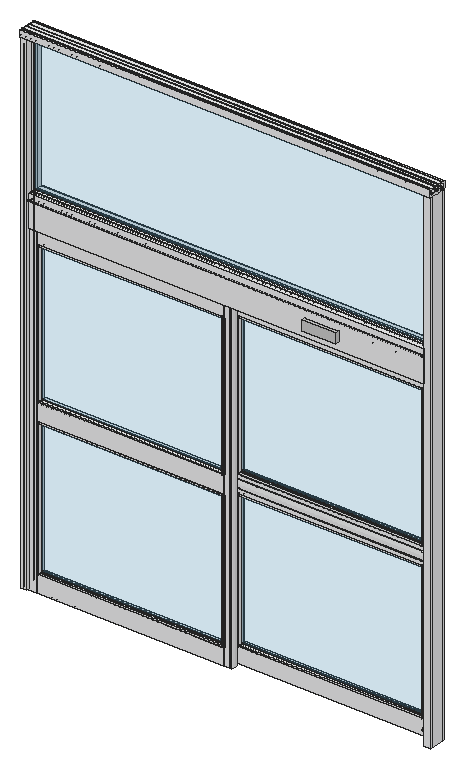
Revit family "2-5-7_Sliding-Door_TX9200SL_Single-RH-Outside-Slide-w-Transom-SX-O-w-Elec-Lock-Flush-Mnt-Exit-Panic-HW_Tormax", category Doors, host Wall, Revit 2026 (continued)
Definition of nested family "Door-Sliding-Tormax-Panel-Exit_Panic-O"
  Automatic sketch dimensions
    Sweep 6 sketch curve to Sweep 6 sketch curve = 0' - 0.4219"
    Sweep 7 sketch curve to plane 3 "Center (Left/Right)" = 0' - 0"
    plane 1 "Center (Front/Back)" to Sweep 7 sketch curve = 0' - 0.1901"
    Sweep 7 sketch curve to Sweep 7 sketch curve = 0' - 0"  (x6)
    Sweep 7 sketch curve to Sweep 7 sketch curve = 0' - 0.00628"
    Sweep 7 sketch curve to Sweep 7 sketch curve = 0' - 0.05"  (x8)
    Sweep 7 sketch curve to Sweep 7 sketch curve = 0' - 0.05599"
    Sweep 7 sketch curve to Sweep 7 sketch curve = 0' - 0.13079"  (x2)
    Sweep 7 sketch curve to Sweep 7 sketch curve = 0' - 0.1438"  (x2)
    Sweep 7 sketch curve to Sweep 7 sketch curve = 0' - 0.06431"  (x2)
    Sweep 7 sketch curve to Sweep 7 sketch curve = 0' - 0.04373"  (x2)
    Sweep 7 sketch curve to Sweep 7 sketch curve = 0' - 0.0339"  (x2)
    Sweep 7 sketch curve to Sweep 7 sketch curve = 0' - 0.05017"  (x2)
    plane 1 "Center (Front/Back)" to Sweep 7 sketch curve = 0' - 0.49166"
    Sweep 7 sketch curve to Sweep 7 sketch curve = 0' - 0.12404"  (x3)
    Sweep 7 sketch curve to Sweep 7 sketch curve = 0' - 0.06616"  (x2)
    Sweep 7 sketch curve to Sweep 7 sketch curve = 0' - 0.08665"  (x3)
    Sweep 7 sketch curve to Sweep 7 sketch curve = 0' - 0.00586"  (x2)
    Sweep 7 sketch curve to Sweep 7 sketch curve = 0' - 0.0682"  (x2)
    Sweep 7 sketch curve to Sweep 7 sketch curve = 0' - 0.11234"
    Sweep 7 sketch curve to Sweep 7 sketch curve = 0' - 0.09942"  (x4)
    Sweep 7 sketch curve to Sweep 7 sketch curve = 0' - 0.04966"  (x4)
    Sweep 7 sketch curve to plane 1 "Center (Front/Back)" = 0' - 0.12483"
    Sweep 7 sketch curve to Sweep 7 sketch curve = 0' - 0.00209"  (x2)
    Sweep 7 sketch curve to Sweep 7 sketch curve = 0' - 0.03487"  (x4)
    plane 1 "Center (Front/Back)" to Sweep 7 sketch curve = 0' - 0.20955"  (x2)
    plane 1 "Center (Front/Back)" to Sweep 7 sketch curve = 0' - 0.07259"  (x2)
    Sweep 7 sketch curve to Sweep 7 sketch curve = 0' - 0.0719"  (x4)
    Sweep 7 sketch curve to plane 1 "Center (Front/Back)" = 0' - 0.07259"  (x2)
    Sweep 7 sketch curve to plane 1 "Center (Front/Back)" = 0' - 0.09459"  (x2)
    Sweep 7 sketch curve to Sweep 7 sketch curve = 0' - 0.02199"  (x4)
    plane 1 "Center (Front/Back)" to Sweep 7 sketch curve = 0' - 0.09459"  (x2)
    Sweep 7 sketch curve to plane 1 "Center (Front/Back)" = 0' - 0.20955"
    Sweep 7 sketch curve to Sweep 7 sketch curve = 0' - 0.06113"
    plane 1 "Center (Front/Back)" to Sweep 7 sketch curve = 0' - 0.12483"
    Sweep 7 sketch curve to Sweep 7 sketch curve = 0' - 0.06234"
    Sweep 7 sketch curve to Sweep 7 sketch curve = 0' - 0.03026"
    Sweep 7 sketch curve to Sweep 7 sketch curve = 0' - 0.14248"
    Sweep 7 sketch curve to Sweep 7 sketch curve = 0' - 0.09251"
    Sweep 7 sketch curve to Sweep 7 sketch curve = 0' - 0.01301"
    Sweep 7 sketch curve to Sweep 7 sketch curve = 0' - 0.13361"
    Sweep 7 sketch curve to plane 1 "Center (Front/Back)" = 0' - 0.25955"  (x2)
    Sweep 7 sketch curve to Sweep 7 sketch curve = 0' - 0.14365"
    Sweep 7 sketch curve to Sweep 7 sketch curve = 0' - 0.19365"  (x3)
    Sweep 7 sketch curve to Sweep 7 sketch curve = 0' - 0.25378"  (x2)
    Sweep 7 sketch curve to Sweep 7 sketch curve = 0' - 0.4219"  (x2)
    Sweep 7 sketch curve to Sweep 7 sketch curve = 0' - 0.04971"  (x4)
    Sweep 7 sketch curve to Sweep 7 sketch curve = 0' - 0.08472"  (x5)
    Sweep 7 sketch curve to Sweep 7 sketch curve = 0' - 0.06945"  (x2)
    Sweep 7 sketch curve to Sweep 7 sketch curve = 0' - 0.05012"  (x4)
    Sweep 7 sketch curve to Sweep 7 sketch curve = 0' - 0.06958"  (x2)
    plane 1 "Center (Front/Back)" to Sweep 7 sketch curve = 0' - 0.13997"
    Sweep 7 sketch curve to Sweep 7 sketch curve = 0' - 0.04722"
    Sweep 7 sketch curve to Sweep 7 sketch curve = 0' - 0.02777"
    Sweep 7 sketch curve to Sweep 7 sketch curve = 0' - 0.04144"  (x2)
    Sweep 7 sketch curve to Sweep 7 sketch curve = 0' - 0.08847"
    Sweep 7 sketch curve to Sweep 7 sketch curve = 0' - 0.0904"  (x2)
    Sweep 7 sketch curve to Sweep 7 sketch curve = 0' - 0.04991"  (x2)
    Sweep 7 sketch curve to Sweep 7 sketch curve = 0' - 0.01286"  (x2)
    Sweep 7 sketch curve to Sweep 7 sketch curve = 0' - 0.06296"  (x2)
    Sweep 7 sketch curve to Sweep 7 sketch curve = 0' - 0.09922"  (x2)
    Sweep 7 sketch curve to Sweep 7 sketch curve = 0' - 0.08367"  (x2)
    Extrusion 8 sketch curve to plane 7 = 0' - 0"
    plane 6 to Extrusion 8 sketch curve = 0' - 0"
    plane 12 to Extrusion 8 sketch curve = 0' - 0.29207"
    plane 13 to Extrusion 8 sketch curve = 0' - 0.29207"
    Sweep 2 sketch curve to Sweep 2 sketch curve = 0' - 0.1"  (x4)
    Sweep 2 sketch curve to Sweep 2 sketch curve = 0' - 0.00401"  (x4)
Definition of nested family "Door-Sliding-Tormax-Panel-Exit_Panic-SX"
  Parameters (values of type "Door-Sliding-Tormax-Panel-Exit_Panic-SX")
    Width = 3' - 5 9/16"
    Thickness = 0' - 1.82"  # constant formula
    Height = 7' - 1 1/2"
    Handle Material = none
    Glass = none
    Frame Material = none
    Define Thermal Properties by = 1
    Default Elevation = 0' - 0"
    Analytic Construction = "<None>"
  Reference planes (in)
    plane 1 "Center (Front/Back)": y = 0
    plane 2: z = 0
    plane 3 "Center (Left/Right)": x = 0
    plane 4: z = 85.5
    plane 5: z = 42.75
    plane 6: y = 0.12483
    plane 7: y = -0.12517
    plane 8: y = -0.91
    plane 9: y = 0.91
    plane 10: x = -20.78125
    plane 11: x = 20.78125
    plane 12: x = -18.65625
    plane 13: x = 18.65625
    plane 14: z = 45
    plane 15: z = 40.5
    plane 16: z = 82.40625
    plane 17: z = 4.3125
  Forms (in)
    Sweep 1, solid, material <- "Frame Material"
      path origin (0, 0, 0) x (1, 0, 0) y (0, 0, 1)
        loop
          line (-20.78125, 0.3125) -> (-20.78125, 84.15625)
      profile origin (-20.78125, 0, 42.23437) x (-1, 0, 0) y (0, -1, 0)
        loop
          line (-0.25, -0.18701) -> (-0.25, 0.18701) -> (-0.13107, 0.18701)
          arc (-0.13107, 0.18701) -> (-0.16494, 0.47848) -> (-0.22824, 0.765) r 2.88588
          line (-0.22824, 0.765) -> (-1.844, 0.765) -> (-1.844, -0.765) -> (-0.22824, -0.765)
          arc (-0.22824, -0.765) -> (-0.16494, -0.47848) -> (-0.13107, -0.18701) r 2.88588
          line (-0.13107, -0.18701) -> (-0.25, -0.18701)
        loop
          arc (-0.14081, -0.91) -> (0, 0) -> (-0.14081, 0.91) r 3.01088
          line (-0.14081, 0.91) -> (-2.125, 0.91) -> (-2.125, 0.70839) -> (-2.00861, 0.77559) -> (-1.969, 0.77559) -> (-1.969, -0.77559) -> (-2.00861, -0.77559) -> (-2.125, -0.70839) -> (-2.125, -0.91) -> (-0.14081, -0.91)
    Sweep 2, solid, material <- "Frame Material"
      path origin (0, 0, 0) x (1, 0, 0) y (0, 0, 1)
        loop
          line (-18.65625, 0) -> (18.65625, 0)
      profile origin (0, 0, 0) x (0, 0, 1) y (0, -1, 0)
        loop
          line (4.3125, 0.8749) -> (0.3125, 0.8749) -> (0.3125, -0.23479) -> (0.62437, -0.23479)
          arc (0.62437, -0.23479) -> (0.7132, -0.198) -> (0.75, -0.10916) r 0.12563
          line (0.75, -0.10916) -> (0.75, 0.32559)
          arc (0.75, 0.32559) -> (0.80554, 0.45967) -> (0.93962, 0.51521) r 0.18962
          line (0.93962, 0.51521) -> (1.37112, 0.51521)
          arc (1.37112, 0.51521) -> (1.46225, 0.55295) -> (1.5, 0.64409) r 0.12888
          line (1.5, 0.64409) -> (1.5, 0.75022) -> (1.87452, 0.75022) -> (1.87452, -0.74981) -> (1.40707, -0.74981) -> (1.11896, -0.4258) -> (0.5105, -0.4258) -> (0.5105, -0.5258) -> (1.08251, -0.5258) -> (1.08251, -0.76481) -> (0.3125, -0.76481) -> (0.3125, -0.8749) -> (4.3125, -0.8749) -> (4.3125, -0.70921) -> (4.20607, -0.77066) -> (4.1581, -0.77066) -> (4.1581, 0.77066) -> (4.20607, 0.77066) -> (4.3125, 0.70921) -> (4.3125, 0.8749)
        loop
          line (4.03195, -0.71919) -> (4.03195, 0.71919) -> (3.78529, 0.71919) -> (3.78529, 0.75305) -> (3.33375, 0.75305) -> (3.33375, 0.71919) -> (3.08216, 0.71919) -> (3.08216, 0.5938) -> (2.94954, 0.5938) -> (2.94954, 0.7188) -> (2.69891, 0.7188) -> (2.69891, 0.74999) -> (2.25015, 0.74999) -> (2.25015, 0.7188) -> (1.99953, 0.7188) -> (1.99953, -0.7188) -> (2.25015, -0.7188) -> (2.25015, -0.74999) -> (2.69891, -0.74999) -> (2.69891, -0.7188) -> (2.94954, -0.7188) -> (2.94954, -0.5938) -> (3.08216, -0.5938) -> (3.08216, -0.71919) -> (3.33375, -0.71919) -> (3.33375, -0.75305) -> (3.78529, -0.75305) -> (3.78529, -0.71919) -> (4.03195, -0.71919)
        loop
          line (45, -0.875) -> (45, -0.70777) -> (44.8905, -0.77099) -> (44.844, -0.77099) -> (44.844, 0.77099) -> (44.8905, 0.77099) -> (45, 0.70777) -> (45, 0.875) -> (43.99984, 0.875) -> (43.99984, -0.17511) -> (43.62961, -0.17511) -> (43.62961, -0.775) -> (41.87039, -0.775) -> (41.87039, -0.17511) -> (41.50016, -0.17511) -> (41.50016, 0.875) -> (40.5, 0.875) -> (40.5, 0.70777) -> (40.6095, 0.77099) -> (40.656, 0.77099) -> (40.656, -0.77099) -> (40.6095, -0.77099) -> (40.5, -0.70777) -> (40.5, -0.875) -> (45, -0.875)
        loop
          line (40.75634, -0.77461) -> (41.77039, -0.77461) -> (41.77039, -0.27511) -> (41.40016, -0.27511) -> (41.40016, 0.775) -> (40.75634, 0.775) -> (40.75634, -0.77461)
        loop
          line (82.40625, 0.8749) -> (82.40625, 0.70921) -> (82.51268, 0.77066) -> (82.56065, 0.77066) -> (82.56065, -0.77066) -> (82.51268, -0.77066) -> (82.40625, -0.70921) -> (82.40625, -0.8749) -> (84.15625, -0.8749) -> (84.15625, -0.70756) -> (84.04556, -0.77147) -> (84.00025, -0.77147) -> (84.00025, 0.77147) -> (84.04628, 0.77147) -> (84.15625, 0.70798) -> (84.15625, 0.8749) -> (82.40625, 0.8749)
        loop
          line (82.6868, -0.72879) -> (82.93737, -0.72879) -> (82.93737, -0.75979) -> (83.38695, -0.75979) -> (83.38695, -0.72879) -> (83.63659, -0.72879) -> (83.63659, -0.51879) -> (83.85025, -0.51879) -> (83.85025, 0.51879) -> (83.63659, 0.51879) -> (83.63659, 0.72879) -> (83.38695, 0.72879) -> (83.38695, 0.75979) -> (82.93737, 0.75979) -> (82.93737, 0.72879) -> (82.6868, 0.72879) -> (82.6868, -0.72879)
        loop
          line (44.74366, -0.77461) -> (44.74366, 0.775) -> (44.09984, 0.775) -> (44.09984, -0.27511) -> (43.72961, -0.27511) -> (43.72961, -0.77461) -> (44.74366, -0.77461)
        loop
          line (43.965, 0.16219) -> (43.965, 0.80087)
          arc (43.965, 0.80087) -> (43.91534, 0.93277) -> (43.79103, 0.99917) r 0.2
          arc (43.79103, 0.99917) -> (42.75, 1.06719) -> (41.70897, 0.99917) r 8
          arc (41.70897, 0.99917) -> (41.58466, 0.93277) -> (41.535, 0.80087) r 0.2
          line (41.535, 0.80087) -> (41.535, 0.16219) -> (43.965, 0.16219)
    Sweep 3, solid, material <- "Frame Material"
      path origin (0, 0, 0) x (1, 0, 0) y (0, 0, 1)
        loop
          line (20.78125, 0.3125) -> (20.78125, 84.15625)
      profile origin (20.78125, 0, 42.23437) x (-1, 0, 0) y (0, -1, 0)
        loop
          line (2.125, -0.91) -> (2.125, -0.70835) -> (2.02717, -0.76483) -> (1.969, -0.76483) -> (1.969, 0.76483) -> (2.02775, 0.76483) -> (2.125, 0.70869) -> (2.125, 0.91) -> (0.14318, 0.91)
          arc (0.14318, 0.91) -> (0.12559, 0.85357) -> (0.10913, 0.79679) r 2.96345
          line (0.10913, 0.79679) -> (0.18087, 0.77676) -> (0.20082, 0.85943) -> (0.27801, 0.84081) -> (0.18503, 0.45549) -> (0.10975, 0.47365) -> (0.1297, 0.55632) -> (0.05562, 0.57144)
          arc (0.05562, 0.57144) -> (0, 0) -> (0.05562, -0.57144) r 2.96345
          line (0.05562, -0.57144) -> (0.1297, -0.55632) -> (0.10975, -0.47365) -> (0.18503, -0.45549) -> (0.27801, -0.84081) -> (0.20082, -0.85943) -> (0.18087, -0.77676) -> (0.10913, -0.79679)
          arc (0.10913, -0.79679) -> (0.12559, -0.85357) -> (0.14318, -0.91) r 2.96345
          line (0.14318, -0.91) -> (2.125, -0.91)
        loop
          line (1.844, -0.76483) -> (1.844, 0.76517) -> (0.33616, 0.76517)
          arc (0.33616, 0.76517) -> (0.28782, 0.57373) -> (0.25342, 0.37931) r 2.73645
          line (0.25342, 0.37931) -> (0.15, 0.37931) -> (0.15, 0.18239) -> (0.25029, 0.18239) -> (0.25029, -0.18239) -> (0.15, -0.18239) -> (0.15, -0.37931) -> (0.25342, -0.37931)
          arc (0.25342, -0.37931) -> (0.28778, -0.57356) -> (0.33606, -0.76483) r 2.73645
          line (0.33606, -0.76483) -> (1.844, -0.76483)
    Sweep 4, solid, material <- "Frame Material"
      path origin (0, 0, 0) x (1, 0, 0) y (0, 0, 1)
        loop
          line (0, 4.3125) -> (0, 40.5)
      profile origin (0, 0, 22.40625) x (-1, 0, 0) y (0, -1, 0)
        loop
          line (-18.65625, -0.87481) -> (-18.15645, -0.87481) -> (-18.15645, -0.20955) -> (-18.12159, -0.20955) -> (-18.06046, -0.09459) -> (-18.08245, -0.07259) -> (-18.15436, -0.12483) -> (-18.36418, -0.12483) -> (-18.36418, -0.20955) -> (-18.5318, -0.20955) -> (-18.5318, -0.13997) -> (-18.61845, -0.13997) -> (-18.61845, 0.13997) -> (-18.5318, 0.13997) -> (-18.5318, 0.20955) -> (-18.36418, 0.20955) -> (-18.36418, 0.12483) -> (-18.15436, 0.12483) -> (-18.08245, 0.07259) -> (-18.06046, 0.09459) -> (-18.12159, 0.20955) -> (-18.15645, 0.20955) -> (-18.15645, 0.87481) -> (-18.65625, 0.87481) -> (-18.65625, 0.66561) -> (-18.75597, 0.66561) -> (-18.75597, 0.76483) -> (-18.80597, 0.76483) -> (-18.80597, 0.6157) -> (-18.69998, 0.6157) -> (-18.57594, 0.49166) -> (-18.57594, 0.32983)
          arc (-18.57594, 0.32983) -> (-18.64136, 0.30274) -> (-18.66845, 0.23732) r 0.09251
          line (-18.66845, 0.23732) -> (-18.66845, 0.1901) -> (-18.81225, 0.1901) -> (-18.81225, 0.13997) -> (-18.66845, 0.13997) -> (-18.66845, -0.13997) -> (-18.81225, -0.13997) -> (-18.81225, -0.1901) -> (-18.68146, -0.1901) -> (-18.68146, -0.25955) -> (-18.46359, -0.25955) -> (-18.46359, -0.4032) -> (-18.20611, -0.4032) -> (-18.20611, -0.8251) -> (-18.60608, -0.8251) -> (-18.60608, -0.65698) -> (-18.72056, -0.65698) -> (-18.72056, -0.70698) -> (-18.65625, -0.70698) -> (-18.65625, -0.87481)
        loop
          line (-18.55619, 0.8251) -> (-18.55619, 0.74143) -> (-18.62235, 0.74143) -> (-18.62235, 0.67847) -> (-18.52594, 0.58206) -> (-18.52594, 0.25099) -> (-18.46359, 0.25099) -> (-18.46359, 0.4032) -> (-18.20611, 0.4032) -> (-18.20611, 0.8251) -> (-18.55619, 0.8251)
        loop
          line (18.65625, -0.87481) -> (18.65625, -0.70698) -> (18.72056, -0.70698) -> (18.72056, -0.65698) -> (18.60608, -0.65698) -> (18.60608, -0.8251) -> (18.20611, -0.8251) -> (18.20611, -0.4032) -> (18.46359, -0.4032) -> (18.46359, -0.25955) -> (18.68146, -0.25955) -> (18.68146, -0.1901) -> (18.81225, -0.1901) -> (18.81225, -0.13997) -> (18.66845, -0.13997) -> (18.66845, 0.13997) -> (18.81225, 0.13997) -> (18.81225, 0.1901) -> (18.66845, 0.1901) -> (18.66845, 0.23732)
          arc (18.66845, 0.23732) -> (18.64136, 0.30274) -> (18.57594, 0.32983) r 0.09251
          line (18.57594, 0.32983) -> (18.57594, 0.49166) -> (18.69998, 0.6157) -> (18.80597, 0.6157) -> (18.80597, 0.76483) -> (18.75597, 0.76483) -> (18.75597, 0.66561) -> (18.65625, 0.66561) -> (18.65625, 0.87481) -> (18.15645, 0.87481) -> (18.15645, 0.20955) -> (18.12159, 0.20955) -> (18.06046, 0.09459) -> (18.08245, 0.07259) -> (18.15436, 0.12483) -> (18.36418, 0.12483) -> (18.36418, 0.20955) -> (18.5318, 0.20955) -> (18.5318, 0.13997) -> (18.61845, 0.13997) -> (18.61845, -0.13997) -> (18.5318, -0.13997) -> (18.5318, -0.20955) -> (18.36418, -0.20955) -> (18.36418, -0.12483) -> (18.15436, -0.12483) -> (18.08245, -0.07259) -> (18.06046, -0.09459) -> (18.12159, -0.20955) -> (18.15645, -0.20955) -> (18.15645, -0.87481) -> (18.65625, -0.87481)
        loop
          line (18.55619, 0.8251) -> (18.20611, 0.8251) -> (18.20611, 0.4032) -> (18.46359, 0.4032) -> (18.46359, 0.25099) -> (18.52594, 0.25099) -> (18.52594, 0.58206) -> (18.62235, 0.67847) -> (18.62235, 0.74143) -> (18.55619, 0.74143) -> (18.55619, 0.8251)
    Extrusion 5, solid, material <- "Glass"
      sketch origin (0, 0, 0) x (1, 0, 0) y (0, 1, 0)
        loop
          line (-18.36418, 0.12483) -> (-18.36418, -0.12517) -> (18.36418, -0.12517) -> (18.36418, 0.12483) -> (-18.36418, 0.12483)
      from 4.60457 to 40.20793
    Sweep 6, solid, material <- "Frame Material"
      path origin (0, 0, 0) x (1, 0, 0) y (0, 0, 1)
        loop
          line (-18.15645, 42.75) -> (18.15645, 42.75)
      profile origin (0, 0, 42.75) x (0, 0, 1) y (0, -1, 0)
        loop
          line (-38.4375, 0.87481) -> (-38.4375, 0.70698) -> (-38.50181, 0.70698) -> (-38.50181, 0.65698) -> (-38.38733, 0.65698) -> (-38.38733, 0.8251) -> (-37.98736, 0.8251) -> (-37.98736, 0.4032) -> (-38.24484, 0.4032) -> (-38.24484, 0.25955) -> (-38.46271, 0.25955) -> (-38.46271, 0.1901) -> (-38.5935, 0.1901) -> (-38.5935, 0.13997) -> (-38.4497, 0.13997) -> (-38.4497, -0.13997) -> (-38.5935, -0.13997) -> (-38.5935, -0.1901) -> (-38.4497, -0.1901) -> (-38.4497, -0.23732)
          arc (-38.4497, -0.23732) -> (-38.42261, -0.30274) -> (-38.35719, -0.32983) r 0.09251
          line (-38.35719, -0.32983) -> (-38.35719, -0.49166) -> (-38.48123, -0.6157) -> (-38.58722, -0.6157) -> (-38.58722, -0.76483) -> (-38.53722, -0.76483) -> (-38.53722, -0.66561) -> (-38.4375, -0.66561) -> (-38.4375, -0.87481) -> (-37.9377, -0.87481) -> (-37.9377, -0.20955) -> (-37.90284, -0.20955) -> (-37.84171, -0.09459) -> (-37.8637, -0.07259) -> (-37.93561, -0.12483) -> (-38.14543, -0.12483) -> (-38.14543, -0.20955) -> (-38.31305, -0.20955) -> (-38.31305, -0.13997) -> (-38.3997, -0.13997) -> (-38.3997, 0.13997) -> (-38.31305, 0.13997) -> (-38.31305, 0.20955) -> (-38.14543, 0.20955) -> (-38.14543, 0.12483) -> (-37.93561, 0.12483) -> (-37.8637, 0.07259) -> (-37.84171, 0.09459) -> (-37.90284, 0.20955) -> (-37.9377, 0.20955) -> (-37.9377, 0.87481) -> (-38.4375, 0.87481)
        loop
          line (-38.33744, -0.8251) -> (-37.98736, -0.8251) -> (-37.98736, -0.4032) -> (-38.24484, -0.4032) -> (-38.24484, -0.25099) -> (-38.30719, -0.25099) -> (-38.30719, -0.58206) -> (-38.4036, -0.67847) -> (-38.4036, -0.74143) -> (-38.33744, -0.74143) -> (-38.33744, -0.8251)
        loop
          line (-2.25, 0.87481) -> (-2.7498, 0.87481) -> (-2.7498, 0.20955) -> (-2.78466, 0.20955) -> (-2.84579, 0.09459) -> (-2.8238, 0.07259) -> (-2.75189, 0.12483) -> (-2.54207, 0.12483) -> (-2.54207, 0.20955) -> (-2.37445, 0.20955) -> (-2.37445, 0.13997) -> (-2.2878, 0.13997) -> (-2.2878, -0.13997) -> (-2.37445, -0.13997) -> (-2.37445, -0.20955) -> (-2.54207, -0.20955) -> (-2.54207, -0.12483) -> (-2.75189, -0.12483) -> (-2.8238, -0.07259) -> (-2.84579, -0.09459) -> (-2.78466, -0.20955) -> (-2.7498, -0.20955) -> (-2.7498, -0.87481) -> (-2.25, -0.87481) -> (-2.25, -0.66561) -> (-2.15028, -0.66561) -> (-2.15028, -0.76483) -> (-2.10028, -0.76483) -> (-2.10028, -0.6157) -> (-2.20627, -0.6157) -> (-2.33031, -0.49166) -> (-2.33031, -0.32983)
          arc (-2.33031, -0.32983) -> (-2.26489, -0.30274) -> (-2.2378, -0.23732) r 0.09251
          line (-2.2378, -0.23732) -> (-2.2378, -0.1901) -> (-2.094, -0.1901) -> (-2.094, -0.13997) -> (-2.2378, -0.13997) -> (-2.2378, 0.13997) -> (-2.094, 0.13997) -> (-2.094, 0.1901) -> (-2.22479, 0.1901) -> (-2.22479, 0.25955) -> (-2.44266, 0.25955) -> (-2.44266, 0.4032) -> (-2.70014, 0.4032) -> (-2.70014, 0.8251) -> (-2.30017, 0.8251) -> (-2.30017, 0.65698) -> (-2.18569, 0.65698) -> (-2.18569, 0.70698) -> (-2.25, 0.70698) -> (-2.25, 0.87481)
        loop
          line (-2.35006, -0.8251) -> (-2.35006, -0.74143) -> (-2.2839, -0.74143) -> (-2.2839, -0.67847) -> (-2.38031, -0.58206) -> (-2.38031, -0.25099) -> (-2.44266, -0.25099) -> (-2.44266, -0.4032) -> (-2.70014, -0.4032) -> (-2.70014, -0.8251) -> (-2.35006, -0.8251)
        loop
          line (2.25, 0.87481) -> (2.25, 0.70698) -> (2.18569, 0.70698) -> (2.18569, 0.65698) -> (2.30017, 0.65698) -> (2.30017, 0.8251) -> (2.70014, 0.8251) -> (2.70014, 0.4032) -> (2.44266, 0.4032) -> (2.44266, 0.25955) -> (2.22479, 0.25955) -> (2.22479, 0.1901) -> (2.094, 0.1901) -> (2.094, 0.13997) -> (2.2378, 0.13997) -> (2.2378, -0.13997) -> (2.094, -0.13997) -> (2.094, -0.1901) -> (2.2378, -0.1901) -> (2.2378, -0.23732)
          arc (2.2378, -0.23732) -> (2.26489, -0.30274) -> (2.33031, -0.32983) r 0.09251
          line (2.33031, -0.32983) -> (2.33031, -0.49166) -> (2.20627, -0.6157) -> (2.10028, -0.6157) -> (2.10028, -0.76483) -> (2.15028, -0.76483) -> (2.15028, -0.66561) -> (2.25, -0.66561) -> (2.25, -0.87481) -> (2.7498, -0.87481) -> (2.7498, -0.20955) -> (2.78466, -0.20955) -> (2.84579, -0.09459) -> (2.8238, -0.07259) -> (2.75189, -0.12483) -> (2.54207, -0.12483) -> (2.54207, -0.20955) -> (2.37445, -0.20955) -> (2.37445, -0.13997) -> (2.2878, -0.13997) -> (2.2878, 0.13997) -> (2.37445, 0.13997) -> (2.37445, 0.20955) -> (2.54207, 0.20955) -> (2.54207, 0.12483) -> (2.75189, 0.12483) -> (2.8238, 0.07259) -> (2.84579, 0.09459) -> (2.78466, 0.20955) -> (2.7498, 0.20955) -> (2.7498, 0.87481) -> (2.25, 0.87481)
        loop
          line (2.35006, -0.8251) -> (2.70014, -0.8251) -> (2.70014, -0.4032) -> (2.44266, -0.4032) -> (2.44266, -0.25099) -> (2.38031, -0.25099) -> (2.38031, -0.58206) -> (2.2839, -0.67847) -> (2.2839, -0.74143) -> (2.35006, -0.74143) -> (2.35006, -0.8251)
        loop
          line (39.65625, 0.87481) -> (39.15645, 0.87481) -> (39.15645, 0.20955) -> (39.12159, 0.20955) -> (39.06046, 0.09459) -> (39.08245, 0.07259) -> (39.15436, 0.12483) -> (39.36418, 0.12483) -> (39.36418, 0.20955) -> (39.5318, 0.20955) -> (39.5318, 0.13997) -> (39.61845, 0.13997) -> (39.61845, -0.13997) -> (39.5318, -0.13997) -> (39.5318, -0.20955) -> (39.36418, -0.20955) -> (39.36418, -0.12483) -> (39.15436, -0.12483) -> (39.08245, -0.07259) -> (39.06046, -0.09459) -> (39.12159, -0.20955) -> (39.15645, -0.20955) -> (39.15645, -0.87481) -> (39.65625, -0.87481) -> (39.65625, -0.66561) -> (39.75597, -0.66561) -> (39.75597, -0.76483) -> (39.80597, -0.76483) -> (39.80597, -0.6157) -> (39.69998, -0.6157) -> (39.57594, -0.49166) -> (39.57594, -0.32983)
          arc (39.57594, -0.32983) -> (39.64136, -0.30274) -> (39.66845, -0.23732) r 0.09251
          line (39.66845, -0.23732) -> (39.66845, -0.1901) -> (39.81225, -0.1901) -> (39.81225, -0.13997) -> (39.66845, -0.13997) -> (39.66845, 0.13997) -> (39.81225, 0.13997) -> (39.81225, 0.1901) -> (39.68146, 0.1901) -> (39.68146, 0.25955) -> (39.46359, 0.25955) -> (39.46359, 0.4032) -> (39.20611, 0.4032) -> (39.20611, 0.8251) -> (39.60608, 0.8251) -> (39.60608, 0.65698) -> (39.72056, 0.65698) -> (39.72056, 0.70698) -> (39.65625, 0.70698) -> (39.65625, 0.87481)
        loop
          line (39.55619, -0.8251) -> (39.55619, -0.74143) -> (39.62235, -0.74143) -> (39.62235, -0.67847) -> (39.52594, -0.58206) -> (39.52594, -0.25099) -> (39.46359, -0.25099) -> (39.46359, -0.4032) -> (39.20611, -0.4032) -> (39.20611, -0.8251) -> (39.55619, -0.8251)
    Sweep 7, solid, material <- "Frame Material"
      path origin (0, 0, 0) x (1, 0, 0) y (0, 0, 1)
        loop
          line (0, 45) -> (0, 82.40625)
      profile origin (0, 0, 63.70312) x (-1, 0, 0) y (0, -1, 0)
        loop
          line (-18.65625, -0.87481) -> (-18.15645, -0.87481) -> (-18.15645, -0.20955) -> (-18.12159, -0.20955) -> (-18.06046, -0.09459) -> (-18.08245, -0.07259) -> (-18.15436, -0.12483) -> (-18.36418, -0.12483) -> (-18.36418, -0.20955) -> (-18.5318, -0.20955) -> (-18.5318, -0.13997) -> (-18.61845, -0.13997) -> (-18.61845, 0.13997) -> (-18.5318, 0.13997) -> (-18.5318, 0.20955) -> (-18.36418, 0.20955) -> (-18.36418, 0.12483) -> (-18.15436, 0.12483) -> (-18.08245, 0.07259) -> (-18.06046, 0.09459) -> (-18.12159, 0.20955) -> (-18.15645, 0.20955) -> (-18.15645, 0.87481) -> (-18.65625, 0.87481) -> (-18.65625, 0.66561) -> (-18.75597, 0.66561) -> (-18.75597, 0.76483) -> (-18.80597, 0.76483) -> (-18.80597, 0.6157) -> (-18.69998, 0.6157) -> (-18.57594, 0.49166) -> (-18.57594, 0.32983)
          arc (-18.57594, 0.32983) -> (-18.64136, 0.30274) -> (-18.66845, 0.23732) r 0.09251
          line (-18.66845, 0.23732) -> (-18.66845, 0.1901) -> (-18.81225, 0.1901) -> (-18.81225, 0.13997) -> (-18.66845, 0.13997) -> (-18.66845, -0.13997) -> (-18.81225, -0.13997) -> (-18.81225, -0.1901) -> (-18.68146, -0.1901) -> (-18.68146, -0.25955) -> (-18.46359, -0.25955) -> (-18.46359, -0.4032) -> (-18.20611, -0.4032) -> (-18.20611, -0.8251) -> (-18.60608, -0.8251) -> (-18.60608, -0.65698) -> (-18.72056, -0.65698) -> (-18.72056, -0.70698) -> (-18.65625, -0.70698) -> (-18.65625, -0.87481)
        loop
          line (-18.55619, 0.8251) -> (-18.55619, 0.74143) -> (-18.62235, 0.74143) -> (-18.62235, 0.67847) -> (-18.52594, 0.58206) -> (-18.52594, 0.25099) -> (-18.46359, 0.25099) -> (-18.46359, 0.4032) -> (-18.20611, 0.4032) -> (-18.20611, 0.8251) -> (-18.55619, 0.8251)
        loop
          line (18.65625, -0.87481) -> (18.65625, -0.70698) -> (18.72056, -0.70698) -> (18.72056, -0.65698) -> (18.60608, -0.65698) -> (18.60608, -0.8251) -> (18.20611, -0.8251) -> (18.20611, -0.4032) -> (18.46359, -0.4032) -> (18.46359, -0.25955) -> (18.68146, -0.25955) -> (18.68146, -0.1901) -> (18.81225, -0.1901) -> (18.81225, -0.13997) -> (18.66845, -0.13997) -> (18.66845, 0.13997) -> (18.81225, 0.13997) -> (18.81225, 0.1901) -> (18.66845, 0.1901) -> (18.66845, 0.23732)
          arc (18.66845, 0.23732) -> (18.64136, 0.30274) -> (18.57594, 0.32983) r 0.09251
          line (18.57594, 0.32983) -> (18.57594, 0.49166) -> (18.69998, 0.6157) -> (18.80597, 0.6157) -> (18.80597, 0.76483) -> (18.75597, 0.76483) -> (18.75597, 0.66561) -> (18.65625, 0.66561) -> (18.65625, 0.87481) -> (18.15645, 0.87481) -> (18.15645, 0.20955) -> (18.12159, 0.20955) -> (18.06046, 0.09459) -> (18.08245, 0.07259) -> (18.15436, 0.12483) -> (18.36418, 0.12483) -> (18.36418, 0.20955) -> (18.5318, 0.20955) -> (18.5318, 0.13997) -> (18.61845, 0.13997) -> (18.61845, -0.13997) -> (18.5318, -0.13997) -> (18.5318, -0.20955) -> (18.36418, -0.20955) -> (18.36418, -0.12483) -> (18.15436, -0.12483) -> (18.08245, -0.07259) -> (18.06046, -0.09459) -> (18.12159, -0.20955) -> (18.15645, -0.20955) -> (18.15645, -0.87481) -> (18.65625, -0.87481)
        loop
          line (18.55619, 0.8251) -> (18.20611, 0.8251) -> (18.20611, 0.4032) -> (18.46359, 0.4032) -> (18.46359, 0.25099) -> (18.52594, 0.25099) -> (18.52594, 0.58206) -> (18.62235, 0.67847) -> (18.62235, 0.74143) -> (18.55619, 0.74143) -> (18.55619, 0.8251)
    Extrusion 8, solid, material <- "Glass"
      sketch origin (0, 0, 0) x (1, 0, 0) y (0, 1, 0)
        loop
          line (-18.36418, 0.12483) -> (-18.36418, -0.12517) -> (18.36418, -0.12517) -> (18.36418, 0.12483) -> (-18.36418, 0.12483)
      from 45.29207 to 82.11418
    Sweep 9, solid, material <- "Frame Material"
      path origin (0, 0, 0) x (1, 0, 0) y (0, 0, 1)
        loop
          line (-20.78125, 85.5) -> (20.78125, 85.5)
      profile origin (0, 0, 85.5) x (0, 0, 1) y (0, -1, 0)
        loop
          line (-1.05567, 0.9185) -> (-1.34375, 0.9185) -> (-1.34375, -0.7995) -> (-0.71867, -0.7995) -> (-0.71867, 0.14602)
          arc (-0.71867, 0.14602) -> (-0.73017, 0.19158) -> (-0.7459, 0.23586) r 0.5
          arc (-0.7459, 0.23586) -> (-0.77367, 0.2545) -> (-0.80143, 0.23586) r 0.03
          arc (-0.80143, 0.23586) -> (-0.82927, 0.143) -> (-0.83867, 0.04652) r 0.5
          line (-0.83867, 0.04652) -> (-0.83867, -0.19357)
          arc (-0.83867, -0.19357) -> (-0.9137, -0.2685) -> (-0.98867, -0.1935) r 0.075
          line (-0.98867, -0.1935) -> (-0.98867, 0.34217)
          arc (-0.98867, 0.34217) -> (-1.0072, 0.47704) -> (-1.06143, 0.60192) r 0.5
          line (-1.06143, 0.60192) -> (-1.18067, 0.55479) -> (-1.18067, 0.7442) -> (-1.05567, 0.69479) -> (-1.05567, 0.9185)
  Lines and regions (in)
    symbolic lines
      curve 1: line (-20.78125, 0.91, 0) -> (-20.78125, 42.4725, 0)
      curve 2: arc (-20.78125, 42.4725, 0) -> (8.60788, 30.29913, 0) -> (20.78125, 0.91, 0) r 41.5625
      curve 3: line (-20.78125, 0, 42.75) -> (20.78125, 0, 84.15625)
      curve 4: line (-20.78125, 0, 42.75) -> (20.78125, 0, 0)
  Dimensions and locks (in)
    "Height": plane 4 to level
    equal spacing: plane 10, plane 3 "Center (Left/Right)", plane 11
    "Width": plane 10 to plane 11
    "Thickness": plane 9 to plane 8
    equal spacing: plane 9, plane 1 "Center (Front/Back)", plane 8
    locked: plane 10 to plane 12 at 2.125
    locked: plane 13 to plane 11 at 2.125
    locked: plane 5 to level at 42.75
    plane 10 to Sweep 1 sketch curve to Sweep 1 sketch curve = 0' - 2 1/8" locked, 0' - 0" locked
    locked: plane 17 to plane 2 at 4.3125
    locked: Sweep 4 sketch curve to plane 13 at 0.4998  (x2)
    plane 12 to Sweep 4 sketch curve to Sweep 4 sketch curve = 0' - 0.4998" locked, 0' - 0" locked
    plane 7 to plane 1 "Center (Front/Back)" to plane 6 = 0' - 0.12517" locked, 0' - 0.12483" locked
    locked: Extrusion 5 sketch curve to plane 13 at 0.29207
    locked: plane 12 to Extrusion 5 sketch curve at 0.29207
    locked: Sweep 6 sketch curve to plane 13 at 0.4998
    locked: Sweep 6 sketch curve to plane 12 at 0.4998
    locked: Sweep 6 sketch curve to plane 2 at 4.8123  (x2)
    Sweep 6 sketch curve to Sweep 6 sketch curve to plane 15 = 0' - 0" locked, 0' - 0.4998" locked
    Sweep 6 sketch curve to Sweep 6 sketch curve to plane 14 = 0' - 0" locked, 0' - 0.4998" locked
    Sweep 6 sketch curve to Sweep 6 sketch curve to plane 16 = 0' - 0" locked, 0' - 0.4998" locked
    locked: plane 2 to Extrusion 5 at 4.60457
    locked: Extrusion 5 to plane 15 at 0.29207
    locked: Extrusion 8 to plane 14 at 0.29207
    locked: Extrusion 8 to plane 16 at 0.29207
    locked: plane 12 to Sweep 7 sketch curve at 0.4998  (x2)
    Sweep 7 sketch curve to Sweep 7 sketch curve to plane 13 = 0' - 0" locked, 0' - 0.4998" locked
    locked: plane 4 to Sweep 1 sketch curve at 1.34375
    locked: plane 4 to Sweep 3 sketch curve at 1.34375
    locked: plane 16 to plane 4 at 3.09375
    plane 4 to Sweep 9 sketch curve to Sweep 9 sketch curve = 0' - 0.71867" locked, 0' - 0.62508" locked
    plane 16 to Sweep 2 sketch curve to Sweep 2 sketch curve = 0' - 1.444" locked, 0' - 0.15" locked
    locked: plane 4 to curve 3 at 1.34375
    plane 13 to plane 11 = 0' - 2 1/8"
    locked: Sweep 1 sketch curve to plane 2 at 0.3125
    locked: Sweep 3 sketch curve to plane 2 at 0.3125
    locked: plane 14 to plane 5 at 2.25
    locked: plane 5 to plane 15 at 2.25
    "Width": radius of curve 2
    aligned and locked: plane 2 to level
    aligned and locked: Sweep 1 sketch curve to plane 10
    aligned and locked: Sweep 1 sketch curve to plane 9
    aligned and locked: Sweep 1 sketch curve to plane 8
    aligned and locked: plane 12 to Sweep 2 sketch curve
    aligned and locked: plane 13 to Sweep 2 sketch curve
    aligned and locked: Sweep 2 sketch curve to plane 2
    aligned and locked: plane 14 to Sweep 2 sketch curve
    aligned and locked: Sweep 2 sketch curve to plane 14
    aligned and locked: plane 11 to Sweep 3 sketch curve
    aligned and locked: plane 13 to Sweep 3 sketch curve
    aligned and locked: plane 3 "Center (Left/Right)" to Sweep 4 sketch curve
    aligned and locked: plane 15 to Sweep 4 sketch curve
    aligned and locked: plane 17 to Sweep 4 sketch curve
    aligned and locked: Sweep 4 sketch curve to plane 13
    aligned and locked: plane 13 to Sweep 4 sketch curve
    aligned and locked: plane 12 to Sweep 4 sketch curve
    aligned and locked: Sweep 4 sketch curve to plane 12
    aligned and locked: plane 6 to Extrusion 5 sketch curve
    aligned and locked: plane 7 to Extrusion 5 sketch curve
    aligned and locked: Sweep 6 sketch curve to plane 5
    aligned and locked: plane 17 to Sweep 6 sketch curve
    aligned and locked: Sweep 6 sketch curve to plane 17
    aligned and locked: plane 15 to Sweep 6 sketch curve
    aligned and locked: Sweep 6 sketch curve to plane 15
    aligned and locked: Sweep 6 sketch curve to plane 14
    aligned and locked: plane 14 to Sweep 6 sketch curve
    aligned and locked: Sweep 6 sketch curve to plane 16
    aligned and locked: plane 16 to Sweep 6 sketch curve
    aligned and locked: plane 16 to Sweep 7 sketch curve
    aligned and locked: plane 14 to Sweep 7 sketch curve
    aligned and locked: plane 12 to Sweep 7 sketch curve
    aligned and locked: Sweep 7 sketch curve to plane 12
    aligned and locked: Sweep 7 sketch curve to plane 13
    aligned and locked: plane 13 to Sweep 7 sketch curve
    aligned and locked: plane 10 to Sweep 9 sketch curve
    aligned and locked: plane 11 to Sweep 9 sketch curve
    aligned and locked: Sweep 9 sketch curve to plane 4
    aligned and locked: Sweep 2 sketch curve to plane 16  (x2)
    aligned and locked: plane 9 to curve 2  (x2)
    aligned and locked: plane 10 to curve 2
    aligned and locked: plane 5 to curve 4
    aligned and locked: plane 10 to curve 3
    aligned and locked: curve 4 to plane 11
    aligned and locked: plane 2 to curve 4
    aligned and locked: plane 11 to curve 3
    aligned and locked: plane 15 to Sweep 2 sketch curve  (x2)
  Automatic sketch dimensions
    Sweep 4 sketch curve to Sweep 4 sketch curve = 0' - 0.0122"
    Sweep 4 sketch curve to plane 1 "Center (Front/Back)" = 0' - 0.13997"
    Sweep 4 sketch curve to Sweep 4 sketch curve = 0' - 0"  (x5)
    Sweep 4 sketch curve to Sweep 4 sketch curve = 0' - 0.01301"  (x2)
    plane 1 "Center (Front/Back)" to Sweep 4 sketch curve = 0' - 0.6157"
    Sweep 4 sketch curve to Sweep 4 sketch curve = 0' - 0.04373"  (x2)
    Sweep 4 sketch curve to Sweep 4 sketch curve = 0' - 0.06431"  (x2)
    Sweep 4 sketch curve to Sweep 4 sketch curve = 0' - 0.05599"
    Sweep 4 sketch curve to Sweep 4 sketch curve = 0' - 0.05"  (x8)
    Sweep 4 sketch curve to Sweep 4 sketch curve = 0' - 0.13079"  (x2)
    Sweep 4 sketch curve to Sweep 4 sketch curve = 0' - 0.1438"  (x2)
    Sweep 4 sketch curve to Sweep 4 sketch curve = 0' - 0.0339"  (x2)
    Sweep 4 sketch curve to Sweep 4 sketch curve = 0' - 0.05017"  (x2)
    plane 1 "Center (Front/Back)" to Sweep 4 sketch curve = 0' - 0.49166"
    Sweep 4 sketch curve to Sweep 4 sketch curve = 0' - 0.12404"  (x2)
    Sweep 4 sketch curve to Sweep 4 sketch curve = 0' - 0.06616"  (x2)
    Sweep 4 sketch curve to Sweep 4 sketch curve = 0' - 0.08665"  (x3)
    Sweep 4 sketch curve to Sweep 4 sketch curve = 0' - 0.00586"  (x2)
    Sweep 4 sketch curve to Sweep 4 sketch curve = 0' - 0.0682"  (x2)
    Sweep 4 sketch curve to Sweep 4 sketch curve = 0' - 0.11234"
    Sweep 4 sketch curve to Sweep 4 sketch curve = 0' - 0.09942"  (x4)
    Sweep 4 sketch curve to Sweep 4 sketch curve = 0' - 0.04966"  (x4)
    Sweep 4 sketch curve to plane 1 "Center (Front/Back)" = 0' - 0.12483"
    Sweep 4 sketch curve to Sweep 4 sketch curve = 0' - 0.00209"  (x2)
    Sweep 4 sketch curve to Sweep 4 sketch curve = 0' - 0.03487"  (x4)
    plane 1 "Center (Front/Back)" to Sweep 4 sketch curve = 0' - 0.20955"  (x2)
    plane 1 "Center (Front/Back)" to Sweep 4 sketch curve = 0' - 0.07259"  (x2)
    Sweep 4 sketch curve to Sweep 4 sketch curve = 0' - 0.0719"  (x4)
    Sweep 4 sketch curve to plane 1 "Center (Front/Back)" = 0' - 0.07259"  (x2)
    Sweep 4 sketch curve to plane 1 "Center (Front/Back)" = 0' - 0.09459"  (x2)
    Sweep 4 sketch curve to Sweep 4 sketch curve = 0' - 0.02199"  (x4)
    plane 1 "Center (Front/Back)" to Sweep 4 sketch curve = 0' - 0.09459"  (x2)
    Sweep 4 sketch curve to Sweep 4 sketch curve = 0' - 0.06113"
    Sweep 4 sketch curve to plane 1 "Center (Front/Back)" = 0' - 0.20955"
    plane 1 "Center (Front/Back)" to Sweep 4 sketch curve = 0' - 0.12483"
    Sweep 4 sketch curve to Sweep 4 sketch curve = 0' - 0.06234"
    Sweep 4 sketch curve to Sweep 4 sketch curve = 0' - 0.03026"
    Sweep 4 sketch curve to Sweep 4 sketch curve = 0' - 0.14248"
    Sweep 4 sketch curve to Sweep 4 sketch curve = 0' - 0.09251"
    Sweep 4 sketch curve to Sweep 4 sketch curve = 0' - 0.13361"
    Sweep 4 sketch curve to plane 1 "Center (Front/Back)" = 0' - 0.25955"
    Sweep 4 sketch curve to Sweep 4 sketch curve = 0' - 0.11958"
    Sweep 4 sketch curve to Sweep 4 sketch curve = 0' - 0.14365"
    Sweep 4 sketch curve to Sweep 4 sketch curve = 0' - 0.19365"  (x3)
    Sweep 4 sketch curve to Sweep 4 sketch curve = 0' - 0.25378"  (x2)
    Sweep 4 sketch curve to Sweep 4 sketch curve = 0' - 0.4219"  (x2)
    Sweep 4 sketch curve to Sweep 4 sketch curve = 0' - 0.04971"  (x4)
    Sweep 4 sketch curve to Sweep 4 sketch curve = 0' - 0.08472"  (x5)
    Sweep 4 sketch curve to Sweep 4 sketch curve = 0' - 0.05012"  (x4)
    Sweep 4 sketch curve to Sweep 4 sketch curve = 0' - 0.06945"
    Sweep 4 sketch curve to Sweep 4 sketch curve = 0' - 0.06958"  (x2)
    plane 1 "Center (Front/Back)" to Sweep 4 sketch curve = 0' - 0.13997"  (x2)
    Sweep 4 sketch curve to Sweep 4 sketch curve = 0' - 0.04722"
    Sweep 4 sketch curve to Sweep 4 sketch curve = 0' - 0.02777"
    Sweep 4 sketch curve to Sweep 4 sketch curve = 0' - 0.04144"  (x2)
    Sweep 4 sketch curve to Sweep 4 sketch curve = 0' - 0.08847"
    Sweep 4 sketch curve to Sweep 4 sketch curve = 0' - 0.0904"  (x2)
    Sweep 4 sketch curve to Sweep 4 sketch curve = 0' - 0.04991"  (x2)
    Sweep 4 sketch curve to Sweep 4 sketch curve = 0' - 0.01286"  (x2)
    Sweep 4 sketch curve to Sweep 4 sketch curve = 0' - 0.06296"  (x2)
    Sweep 4 sketch curve to Sweep 4 sketch curve = 0' - 0.09922"  (x2)
    Sweep 4 sketch curve to Sweep 4 sketch curve = 0' - 0.08367"  (x2)
    plane 1 "Center (Front/Back)" to Sweep 6 sketch curve = 0' - 0.13997"  (x4)
    Sweep 6 sketch curve to Sweep 6 sketch curve = 0' - 0.512"
    Sweep 6 sketch curve to Sweep 6 sketch curve = 0' - 0"  (x10)
    Sweep 6 sketch curve to Sweep 6 sketch curve = 0' - 0.01301"  (x4)
    Sweep 6 sketch curve to plane 1 "Center (Front/Back)" = 0' - 0.6157"  (x2)
    Sweep 6 sketch curve to Sweep 6 sketch curve = 0' - 0.04373"  (x4)
    Sweep 6 sketch curve to Sweep 6 sketch curve = 0' - 0.06431"  (x4)
    Sweep 6 sketch curve to Sweep 6 sketch curve = 0' - 0.09972"
    Sweep 6 sketch curve to Sweep 6 sketch curve = 0' - 0.05"  (x19)
    Sweep 6 sketch curve to Sweep 6 sketch curve = 0' - 0.13079"  (x4)
    Sweep 6 sketch curve to Sweep 6 sketch curve = 0' - 0.1438"  (x4)
    Sweep 6 sketch curve to Sweep 6 sketch curve = 0' - 0.0339"  (x3)
    Sweep 6 sketch curve to Sweep 6 sketch curve = 0' - 0.05017"  (x4)
    Sweep 6 sketch curve to Sweep 6 sketch curve = 0' - 0.09251"
    Sweep 6 sketch curve to Sweep 6 sketch curve = 0' - 0.06616"  (x3)
    Sweep 6 sketch curve to Sweep 6 sketch curve = 0' - 0.08665"  (x4)
    Sweep 6 sketch curve to Sweep 6 sketch curve = 0' - 0.04414"  (x2)
    Sweep 6 sketch curve to plane 1 "Center (Front/Back)" = 0' - 0.58206"  (x2)
    Sweep 6 sketch curve to Sweep 6 sketch curve = 0' - 0.11234"  (x2)
    Sweep 6 sketch curve to Sweep 6 sketch curve = 0' - 0.0682"  (x4)
    Sweep 6 sketch curve to Sweep 6 sketch curve = 0' - 0.09942"  (x8)
    Sweep 6 sketch curve to Sweep 6 sketch curve = 0' - 0.04966"  (x8)
    plane 1 "Center (Front/Back)" to Sweep 6 sketch curve = 0' - 0.12483"  (x3)
    Sweep 6 sketch curve to Sweep 6 sketch curve = 0' - 0.00209"  (x6)
    Sweep 6 sketch curve to Sweep 6 sketch curve = 0' - 0.03487"  (x8)
    Sweep 6 sketch curve to plane 1 "Center (Front/Back)" = 0' - 0.20955"
    Sweep 6 sketch curve to plane 1 "Center (Front/Back)" = 0' - 0.07259"  (x4)
    Sweep 6 sketch curve to Sweep 6 sketch curve = 0' - 0.0719"  (x6)
    plane 1 "Center (Front/Back)" to Sweep 6 sketch curve = 0' - 0.07259"  (x4)
    Sweep 6 sketch curve to plane 1 "Center (Front/Back)" = 0' - 0.09459"  (x4)
    Sweep 6 sketch curve to Sweep 6 sketch curve = 0' - 0.02199"  (x8)
    plane 1 "Center (Front/Back)" to Sweep 6 sketch curve = 0' - 0.09459"  (x4)
    Sweep 6 sketch curve to Sweep 6 sketch curve = 0' - 0.09599"  (x2)
    Sweep 6 sketch curve to Sweep 6 sketch curve = 0' - 0.20772"  (x2)
    Sweep 6 sketch curve to Sweep 6 sketch curve = 0' - 0.13031"
    Sweep 6 sketch curve to Sweep 6 sketch curve = 0' - 0.00586"  (x3)
    Sweep 6 sketch curve to Sweep 6 sketch curve = 0' - 0.10006"  (x2)
    Sweep 6 sketch curve to Sweep 6 sketch curve = 0' - 0.05599"
    Sweep 6 sketch curve to Sweep 6 sketch curve = 0' - 0.156"
    Sweep 6 sketch curve to Sweep 6 sketch curve = 0' - 0.14972"
    Sweep 6 sketch curve to Sweep 6 sketch curve = 0' - 0.12404"
    plane 1 "Center (Front/Back)" to Sweep 6 sketch curve = 0' - 0.20955"  (x2)
    Sweep 6 sketch curve to Sweep 6 sketch curve = 0' - 0.06113"
    Sweep 6 sketch curve to Sweep 6 sketch curve = 0' - 0.06234"
    Sweep 6 sketch curve to Sweep 6 sketch curve = 0' - 0.03026"
    Sweep 6 sketch curve to plane 1 "Center (Front/Back)" = 0' - 0.49166"
    Sweep 6 sketch curve to Sweep 6 sketch curve = 0' - 0.14248"
    Sweep 6 sketch curve to Sweep 6 sketch curve = 0' - 0.13361"
    Sweep 6 sketch curve to Sweep 6 sketch curve = 0' - 0.04991"  (x4)
    Sweep 6 sketch curve to Sweep 6 sketch curve = 0' - 0.08355"
    Sweep 6 sketch curve to plane 1 "Center (Front/Back)" = 0' - 0.66561"
    Sweep 6 sketch curve to Sweep 6 sketch curve = 0' - 0.01286"  (x4)
    Sweep 6 sketch curve to Sweep 6 sketch curve = 0' - 0.06296"  (x4)
    Sweep 6 sketch curve to Sweep 6 sketch curve = 0' - 0.09922"  (x4)
    Sweep 6 sketch curve to Sweep 6 sketch curve = 0' - 0.08367"  (x4)
    Sweep 6 sketch curve to Sweep 6 sketch curve = 0' - 0.04971"  (x8)
    Sweep 6 sketch curve to Sweep 6 sketch curve = 0' - 0.09641"  (x2)
    Sweep 6 sketch curve to Sweep 6 sketch curve = 0' - 0.0904"  (x3)
    Sweep 6 sketch curve to Sweep 6 sketch curve = 0' - 0 79/256"  (x2)
    Sweep 6 sketch curve to Sweep 6 sketch curve = 0' - 0.19365"  (x3)
    Sweep 6 sketch curve to Sweep 6 sketch curve = 0' - 0.08847"
    Sweep 6 sketch curve to Sweep 6 sketch curve = 0' - 0.07336"  (x4)
    Sweep 6 sketch curve to Sweep 6 sketch curve = 0' - 0.01367"  (x4)
    Sweep 6 sketch curve to Sweep 6 sketch curve = 0' - 0.11496"  (x3)
    Sweep 6 sketch curve to Sweep 6 sketch curve = 0' - 0.04144"  (x4)
    Sweep 6 sketch curve to Sweep 6 sketch curve = 0' - 0.04722"  (x4)
    Sweep 6 sketch curve to Sweep 6 sketch curve = 0' - 0.05012"  (x8)
    Sweep 6 sketch curve to Sweep 6 sketch curve = 0' - 0.06958"  (x4)
    Sweep 6 sketch curve to Sweep 6 sketch curve = 0' - 0.08472"  (x9)
    Sweep 6 sketch curve to Sweep 6 sketch curve = 0' - 0.06945"
    Sweep 6 sketch curve to Sweep 6 sketch curve = 0' - 0.14365"  (x2)
    Sweep 6 sketch curve to Sweep 6 sketch curve = 0' - 0.25378"  (x4)
    Sweep 6 sketch curve to Sweep 6 sketch curve = 0' - 0.11812"  (x3)
    Sweep 6 sketch curve to Sweep 6 sketch curve = 0' - 0.4219"
    Sweep 7 sketch curve to plane 3 "Center (Left/Right)" = 0' - 0"
    plane 1 "Center (Front/Back)" to Sweep 7 sketch curve = 0' - 0.1901"
    Sweep 7 sketch curve to Sweep 7 sketch curve = 0' - 0"  (x6)
    Sweep 7 sketch curve to Sweep 7 sketch curve = 0' - 0.00628"
    Sweep 7 sketch curve to Sweep 7 sketch curve = 0' - 0.05"  (x8)
    Sweep 7 sketch curve to Sweep 7 sketch curve = 0' - 0.05599"
    Sweep 7 sketch curve to Sweep 7 sketch curve = 0' - 0.13079"  (x2)
    Sweep 7 sketch curve to Sweep 7 sketch curve = 0' - 0.1438"  (x2)
    Sweep 7 sketch curve to Sweep 7 sketch curve = 0' - 0.06431"  (x2)
    Sweep 7 sketch curve to Sweep 7 sketch curve = 0' - 0.04373"  (x2)
    Sweep 7 sketch curve to Sweep 7 sketch curve = 0' - 0.0339"  (x2)
    Sweep 7 sketch curve to Sweep 7 sketch curve = 0' - 0.05017"  (x2)
    plane 1 "Center (Front/Back)" to Sweep 7 sketch curve = 0' - 0.49166"
    Sweep 7 sketch curve to Sweep 7 sketch curve = 0' - 0.12404"  (x3)
    Sweep 7 sketch curve to Sweep 7 sketch curve = 0' - 0.06616"  (x2)
    Sweep 7 sketch curve to Sweep 7 sketch curve = 0' - 0.08665"  (x3)
    Sweep 7 sketch curve to Sweep 7 sketch curve = 0' - 0.00586"  (x2)
    Sweep 7 sketch curve to Sweep 7 sketch curve = 0' - 0.0682"  (x2)
    Sweep 7 sketch curve to Sweep 7 sketch curve = 0' - 0.11234"
    Sweep 7 sketch curve to Sweep 7 sketch curve = 0' - 0.09942"  (x4)
    Sweep 7 sketch curve to Sweep 7 sketch curve = 0' - 0.04966"  (x4)
    Sweep 7 sketch curve to plane 1 "Center (Front/Back)" = 0' - 0.12483"
    Sweep 7 sketch curve to Sweep 7 sketch curve = 0' - 0.00209"  (x2)
    Sweep 7 sketch curve to Sweep 7 sketch curve = 0' - 0.03487"  (x4)
    plane 1 "Center (Front/Back)" to Sweep 7 sketch curve = 0' - 0.20955"  (x2)
    plane 1 "Center (Front/Back)" to Sweep 7 sketch curve = 0' - 0.07259"  (x2)
    Sweep 7 sketch curve to Sweep 7 sketch curve = 0' - 0.0719"  (x4)
    Sweep 7 sketch curve to plane 1 "Center (Front/Back)" = 0' - 0.07259"  (x2)
    Sweep 7 sketch curve to plane 1 "Center (Front/Back)" = 0' - 0.09459"  (x2)
    Sweep 7 sketch curve to Sweep 7 sketch curve = 0' - 0.02199"  (x4)
    plane 1 "Center (Front/Back)" to Sweep 7 sketch curve = 0' - 0.09459"  (x2)
    Sweep 7 sketch curve to plane 1 "Center (Front/Back)" = 0' - 0.20955"
    Sweep 7 sketch curve to Sweep 7 sketch curve = 0' - 0.06113"
    plane 1 "Center (Front/Back)" to Sweep 7 sketch curve = 0' - 0.12483"
    Sweep 7 sketch curve to Sweep 7 sketch curve = 0' - 0.06234"
    Sweep 7 sketch curve to Sweep 7 sketch curve = 0' - 0.03026"
    Sweep 7 sketch curve to Sweep 7 sketch curve = 0' - 0.14248"
    Sweep 7 sketch curve to Sweep 7 sketch curve = 0' - 0.09251"
    Sweep 7 sketch curve to Sweep 7 sketch curve = 0' - 0.01301"
    Sweep 7 sketch curve to Sweep 7 sketch curve = 0' - 0.13361"
    Sweep 7 sketch curve to plane 1 "Center (Front/Back)" = 0' - 0.25955"  (x2)
    Sweep 7 sketch curve to Sweep 7 sketch curve = 0' - 0.14365"
    Sweep 7 sketch curve to Sweep 7 sketch curve = 0' - 0.19365"  (x3)
    Sweep 7 sketch curve to Sweep 7 sketch curve = 0' - 0.25378"  (x2)
    Sweep 7 sketch curve to Sweep 7 sketch curve = 0' - 0.4219"  (x2)
    Sweep 7 sketch curve to Sweep 7 sketch curve = 0' - 0.04971"  (x4)
    Sweep 7 sketch curve to Sweep 7 sketch curve = 0' - 0.08472"  (x5)
    Sweep 7 sketch curve to Sweep 7 sketch curve = 0' - 0.06945"  (x2)
    Sweep 7 sketch curve to Sweep 7 sketch curve = 0' - 0.05012"  (x4)
    Sweep 7 sketch curve to Sweep 7 sketch curve = 0' - 0.06958"  (x2)
    plane 1 "Center (Front/Back)" to Sweep 7 sketch curve = 0' - 0.13997"
    Sweep 7 sketch curve to Sweep 7 sketch curve = 0' - 0.04722"
    Sweep 7 sketch curve to Sweep 7 sketch curve = 0' - 0.02777"
    Sweep 7 sketch curve to Sweep 7 sketch curve = 0' - 0.04144"  (x2)
    Sweep 7 sketch curve to Sweep 7 sketch curve = 0' - 0.08847"
    Sweep 7 sketch curve to Sweep 7 sketch curve = 0' - 0.0904"  (x2)
    Sweep 7 sketch curve to Sweep 7 sketch curve = 0' - 0.04991"  (x2)
    Sweep 7 sketch curve to Sweep 7 sketch curve = 0' - 0.01286"  (x2)
    Sweep 7 sketch curve to Sweep 7 sketch curve = 0' - 0.06296"  (x2)
    Sweep 7 sketch curve to Sweep 7 sketch curve = 0' - 0.09922"  (x2)
    Sweep 7 sketch curve to Sweep 7 sketch curve = 0' - 0.08367"  (x2)
    Extrusion 8 sketch curve to plane 7 = 0' - 0"
    plane 6 to Extrusion 8 sketch curve = 0' - 0"
    plane 12 to Extrusion 8 sketch curve = 0' - 0.29207"
    plane 13 to Extrusion 8 sketch curve = 0' - 0.29207"
    plane 1 "Center (Front/Back)" to Sweep 9 sketch curve = 0' - 0.34217"
    Sweep 9 sketch curve to Sweep 9 sketch curve = 0' - 0.28232"
    Sweep 9 sketch curve to Sweep 9 sketch curve = 0' - 0.11923"
    plane 1 "Center (Front/Back)" to Sweep 9 sketch curve = 0' - 0.55479"
    Sweep 9 sketch curve to Sweep 9 sketch curve = 0' - 0 1/8"
    Sweep 9 sketch curve to Sweep 9 sketch curve = 0' - 0.00577"
    Sweep 9 sketch curve to Sweep 9 sketch curve = 0' - 0.25975"
    Sweep 9 sketch curve to Sweep 9 sketch curve = 0' - 0.09287"
    Sweep 9 sketch curve to Sweep 9 sketch curve = 0' - 0.04941"
    Sweep 9 sketch curve to Sweep 9 sketch curve = 0' - 0.22371"
    Sweep 9 sketch curve to plane 1 "Center (Front/Back)" = 0' - 0.1935"
    Sweep 9 sketch curve to Sweep 9 sketch curve = 0' - 0.075"
    Sweep 9 sketch curve to Sweep 9 sketch curve = 0' - 0.00006"
    plane 1 "Center (Front/Back)" to Sweep 9 sketch curve = 0' - 0.04652"  (x2)
    Sweep 9 sketch curve to Sweep 9 sketch curve = 0' - 0"  (x2)
    Sweep 9 sketch curve to Sweep 9 sketch curve = 0' - 0.065"
    Sweep 9 sketch curve to Sweep 9 sketch curve = 0' - 0.17797"
    Sweep 9 sketch curve to Sweep 9 sketch curve = 0' - 0.02777"
    Sweep 9 sketch curve to Sweep 9 sketch curve = 0' - 0.12"
    Sweep 9 sketch curve to Sweep 9 sketch curve = 0' - 0.60594"
    plane 1 "Center (Front/Back)" to Sweep 9 sketch curve = 0' - 0.14602"
    Sweep 9 sketch curve to Sweep 9 sketch curve = 0' - 0.22"
    Sweep 3 sketch curve to Sweep 3 sketch curve = 0' - 0"  (x9)
    plane 1 "Center (Front/Back)" to Sweep 3 sketch curve = 0' - 0"
    Sweep 3 sketch curve to Sweep 3 sketch curve = 0' - 0.09725"
    Sweep 3 sketch curve to Sweep 3 sketch curve = 0' - 0.09783"  (x2)
    Sweep 3 sketch curve to Sweep 3 sketch curve = 0' - 0.05875"
    Sweep 3 sketch curve to Sweep 3 sketch curve = 0' - 0 1/8"
    Sweep 3 sketch curve to profile plane = 0' - 0.33606"
    Sweep 3 sketch curve to Sweep 3 sketch curve = 0' - 0.05805"
    Sweep 3 sketch curve to profile plane = 0' - 0.25342"
    Sweep 3 sketch curve to Sweep 3 sketch curve = 0' - 0.00312"
    Sweep 3 sketch curve to Sweep 3 sketch curve = 0' - 0.07719"  (x2)
    Sweep 3 sketch curve to Sweep 3 sketch curve = 0' - 0.06839"
    Sweep 3 sketch curve to Sweep 3 sketch curve = 0' - 0.01995"  (x2)
    Sweep 3 sketch curve to Sweep 3 sketch curve = 0' - 0.03503"  (x2)
    Sweep 3 sketch curve to Sweep 3 sketch curve = 0' - 0.05764"  (x2)
    Sweep 3 sketch curve to Sweep 3 sketch curve = 0' - 0.05533"
    Sweep 3 sketch curve to Sweep 3 sketch curve = 0' - 0.07528"  (x2)
    Sweep 3 sketch curve to Sweep 3 sketch curve = 0' - 0.07175"  (x2)
    Sweep 3 sketch curve to profile plane = 0' - 0.05562"  (x2)
    Sweep 3 sketch curve to plane 1 "Center (Front/Back)" = 0' - 0.18239"
    Sweep 3 sketch curve to Sweep 3 sketch curve = 0' - 0.19693"  (x2)
    Sweep 3 sketch curve to Sweep 3 sketch curve = 0' - 0.07617"  (x2)
    Sweep 3 sketch curve to Sweep 3 sketch curve = 0' - 0.01817"  (x2)
    Sweep 3 sketch curve to Sweep 3 sketch curve = 0' - 0.01512"
    Sweep 3 sketch curve to Sweep 3 sketch curve = 0' - 0.05648"
    Sweep 3 sketch curve to Sweep 3 sketch curve = 0' - 0.02003"  (x2)
    plane 1 "Center (Front/Back)" to Sweep 3 sketch curve = 0' - 0.18239"
    Sweep 3 sketch curve to Sweep 3 sketch curve = 0' - 0.05615"
    Sweep 3 sketch curve to Sweep 3 sketch curve = 0' - 0.07564"
    Sweep 3 sketch curve to Sweep 3 sketch curve = 0' - 0.14517"
    Sweep 3 sketch curve to Sweep 3 sketch curve = 0' - 0.05815"
    Sweep 3 sketch curve to Sweep 3 sketch curve = 0' - 0.10029"
    Sweep 3 sketch curve to profile plane = 0' - 0.10913"
    Sweep 3 sketch curve to profile plane = 0' - 0.10975"
    Sweep 3 sketch curve to Sweep 3 sketch curve = 0' - 0.07408"
    Sweep 1 sketch curve to Sweep 1 sketch curve = 0' - 0"  (x4)
    plane 1 "Center (Front/Back)" to Sweep 1 sketch curve = 0' - 0"
    Sweep 1 sketch curve to plane 1 "Center (Front/Back)" = 0' - 0.77559"
    Sweep 1 sketch curve to Sweep 1 sketch curve = 0' - 0.11639"  (x2)
    Sweep 1 sketch curve to Sweep 1 sketch curve = 0' - 0.03961"
    Sweep 1 sketch curve to Sweep 1 sketch curve = 0' - 0 1/8"
    profile plane to Sweep 1 sketch curve = 0' - 0 1/4"
    profile plane to Sweep 1 sketch curve = 0' - 0.22824"
    profile plane to Sweep 1 sketch curve = 0' - 0.14081"
    Sweep 1 sketch curve to Sweep 1 sketch curve = 0' - 0.11893"  (x2)
    Sweep 1 sketch curve to Sweep 1 sketch curve = 0' - 0.01059"
    Sweep 1 sketch curve to Sweep 1 sketch curve = 0' - 0.0672"  (x2)
    Sweep 1 sketch curve to Sweep 1 sketch curve = 0' - 0.20161"
    Sweep 1 sketch curve to Sweep 1 sketch curve = 0' - 0.05661"
    Sweep 1 sketch curve to Sweep 1 sketch curve = 0' - 0.02176"
    plane 1 "Center (Front/Back)" to Sweep 1 sketch curve = 0' - 0.18701"
    curve 1 to plane 9 = 0' - 0"
    plane 1 "Center (Front/Back)" to Sweep 2 sketch curve = 0' - 0.8749"
    Sweep 2 sketch curve to profile plane = 0' - 4 5/16"
    Sweep 2 sketch curve to plane 1 "Center (Front/Back)" = 0' - 0.70921"
    Sweep 2 sketch curve to Sweep 2 sketch curve = 0' - 0"  (x3)
    Sweep 2 sketch curve to Sweep 2 sketch curve = 0' - 0.10643"  (x4)
    plane 1 "Center (Front/Back)" to Sweep 2 sketch curve = 0' - 0.77066"
    Sweep 2 sketch curve to Sweep 2 sketch curve = 0' - 0.04797"  (x2)
    Sweep 2 sketch curve to Sweep 2 sketch curve = 0' - 0.12615"  (x2)
    Sweep 2 sketch curve to Sweep 2 sketch curve = 0' - 0.24666"  (x2)
    Sweep 2 sketch curve to Sweep 2 sketch curve = 0' - 0.45154"  (x2)
    Sweep 2 sketch curve to Sweep 2 sketch curve = 0' - 0.25159"  (x2)
    Sweep 2 sketch curve to Sweep 2 sketch curve = 0' - 0.13262"  (x2)
    Sweep 2 sketch curve to Sweep 2 sketch curve = 0' - 0.25063"  (x3)
    Sweep 2 sketch curve to Sweep 2 sketch curve = 0' - 0.44876"  (x2)
